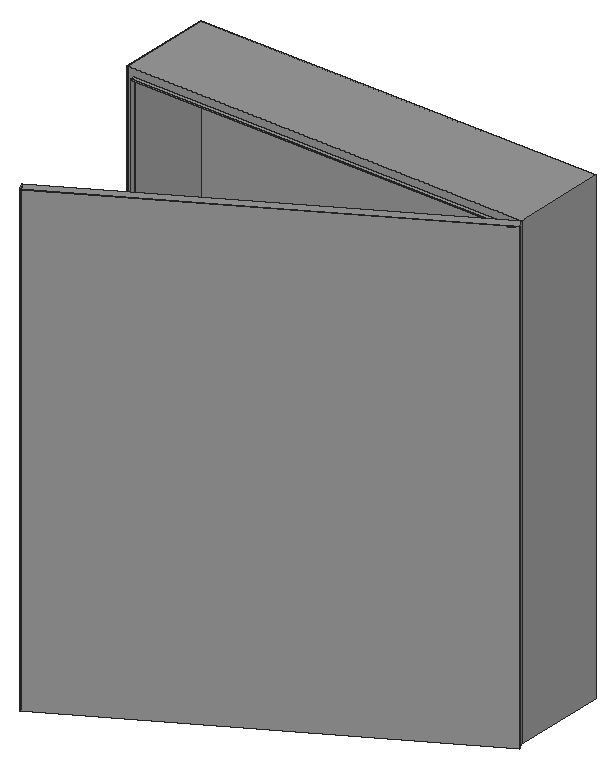
Revit family "Hager-Univers-IP54-D205-H950-Cl.II-Encl-NoHosted-NL-en", category Equipement électrique, Revit 2020
Family settings
  Configuration du panneau = Deux colonnes, circuits au sein
  Cote de connecteur circulaire = Utiliser le diamètre
  Type d'élément = Tableau de raccordement
  Basée sur le plan de construction = Oui
  Toujours verticalement = Oui
  Couper avec des vides une fois chargée = Non
  Partagée = Non
  Point de calcul de pièce = Non
Parameters (values of type "Surface mounted (plaster) IP54 W800 H950 D205  - FP63QSW")
  Width Control [instance] = if([EF000008 - Width] > Min Width, [EF000008 - Width], Min Width)  # 800 mm
  Commentaires du type = [HG000003 - Range]  # "Univers"
  Thickness Door [instance] = if([EF009171 - Material plate thickness door/cover] > 3 mm, 3 mm, [EF009171 - Material plate thickness door/cover])  # 1 mm
  Seal Frame Offset [instance] = 17 mm  # constant formula
  Plinth Visibility [instance] = [HG000027 - Plinth height] > 0 mm  # no
  Min Width [instance] = 100 mm  # constant formula
  Min Depth [instance] = (2 * [EF009170 - Material plate thickness cabinet]) + 1 mm  # 3 mm
  Min Height [instance] = 100 mm  # constant formula
  Internal Frame Depth [instance] = (Door System Depth * 0.5)  # 9 mm
  Panel Name [instance] = ""  # (empty or 0)
  Model = ""
  HG000027 - Plinth height = 0 mm
  HG000026 - Floor standing = no
  HG000024 - Bottom section height = 600 mm
  HG000023 - Double section enclosure = no
  HG000016 - Door 3d visibility [instance] = yes
  HG000015 - Clearance visibility [instance] = no
  HG000014 - Door on the right [instance] = yes
  HG000013 - Door on the left [instance] = not([HG000014 - Door on the right])  # no
  HG000012 - Door swing angle [instance] = 30.00°
  HG000010 - Asymmetric doors = no
  HG000009 - Double swing door = no
  HG000006 - Flush mounted = no
  HG000004 - Manufacturer reference = "FP63QSW"
  HG000003 - Range = "Univers"
  HG000002 - With door or cover = yes
  Frame Offset Bottom [instance] = 10 mm  # constant formula
  Frame Offset [instance] = 15 mm  # constant formula
  EF015940 - Cover with overpressure release = no
  EF011959 - Degree of protection (NEMA) = ""
  EF009554 - Number of openings for flange plates = 6
  EF009212 - Cover model = "EV000116 - Closed"
  EF009171 - Material plate thickness door/cover = 1 mm
  EF009170 - Material plate thickness cabinet = 1 mm
  EF008873 - Nominal current (In) = 250 A
  EF007800 - Suitable for lightning protection = no
  EF006306 - With lock = no
  EF006244 - Transparent cover/door = no
  EF005474 - Degree of protection (IP) = "EV006419 - IP54"
  EF004464 - Type of door = "EV002646 - Single"
  EF004427 - Number of modules = 216
  EF004293 - Impact strength = "EV006815 - IK09"
  EF003532 - Suitable for outdoor use = no
  EF002950 - Width in number of modular spacings = 36
  EF001613 - Circuit integrity = "EV000494 - None"
  EF001596 - Material housing = "EV000179 - Steel"
  EF001131 - Internal depth = 143 mm
  EF001088 - Extension possible = yes
  EF000437 - Number of conduit inlets = 6
  EF000339 - Type of cover = "EV001012 - Cover"
  EF000266 - Number of rows = 6
  EF000218 - Built-in depth = 0 mm
  EF000118 - With mounting plate = no
  EF000116 - RAL-number = "9010"
  EF000049 - Depth = 205 mm
  EF000040 - Height = 950 mm
  EF000008 - Width = 800 mm
  EF000007 - Colour = "EV000202 - White"
  EF000003 - Mounting method = "EV000384 - Surface mounted (plaster)"
  Door System Leaf Tolerance [instance] = 1.5 mm  # constant formula
  Door System Depth [instance] = 18 mm  # constant formula
  Door Height [instance] = Height Control - [HG000027 - Plinth height]  # 950 mm
  Description = ""
  Default Elevation = 1219.2 mm
  Connector Offset [instance] = Height Control / 2  # 475 mm
  Fabricant = "Hager"  # constant formula
  Height Control [instance] = if([EF000040 - Height] > Min Height, [EF000040 - Height], Min Height)  # 950 mm
  Depth Control [instance] = if([EF000049 - Depth] > Min Depth, [EF000049 - Depth], Min Depth)  # 205 mm
  Bottom Top Plate Trim [instance] = 1.5 mm  # constant formula
  Plinth height Ctrl [instance] = if([HG000027 - Plinth height] > 0 mm, [HG000027 - Plinth height], 12 mm)  # 12 mm
Types (3, lengths in mm): name | Width Control | HG000004 - Manufacturer reference | EF009554 - Number of openings for flange plates | EF004464 - Type of door | EF004427 - Number of modules | EF002950 - Width in number of modular spacings | EF001131 - Internal depth | EF000437 - Number of conduit inlets | EF000008 - Width
  Surface mounted (plaster) IP54 W1050 H950 D205  - FP64QSW | 1050 | "FP64QSW" | 8 | "EV003602 - Double" | 288 | 48 | 143 | 8 | 1050
  Surface mounted (plaster) IP54 W550 H950 D205  - FP62QSW | 550 | "FP62QSW" | 4 | "EV002646 - Single" | 144 | 24 | 130 | 4 | 550
  Surface mounted (plaster) IP54 W800 H950 D205  - FP63QSW | 800 | "FP63QSW" | 6 | "EV002646 - Single" | 216 | 36 | 143 | 6 | 800
Reference planes
  plane 1 "Center (Front/Back)": y = 0
  plane 2: z = 0
  plane 3 "Center (Left/Right)": x = 0
  plane 4: y = 0
  plane 5: y = 0
  plane 6: z = 0
  plane 7: x = -400
  plane 8: x = 400
  plane 9: x = 399
  plane 10: x = -399
  plane 11: z = 0
  plane 12: z = 1
  plane 13: y = -205
  plane 14: y = -1
  plane 15: x = 0
  plane 16: y = -187
  plane 17: y = -204
  plane 18: y = -186
  plane 19: x = -384
  plane 20: x = 384
  plane 21: z = 11
  plane 22: x = -383
  plane 23: x = 383
  plane 24: z = 0
  plane 25: z = 950
  plane 26: z = 950
  plane 27: z = 934
  plane 28: z = 949
Forms (mm)
  Extrusion 1, solid, material "Hager_Steel_RAL7035_Light_Grey", detail levels medium+fine
    sketch origin (-208.679, -4572, 0) x (-1, 0, 0) y (0, -1, 0)
      loop
        line (191.321, -4385) -> (-608.679, -4385) -> (-608.679, -4572) -> (191.321, -4572) -> (191.321, -4385)
    from 0 to 950
  Extrusion 2, void
    sketch origin (-350.771, -205, 1219.2) x (1, 0, 0) y (0, 0, 1)
      loop
        line (-48.229, -270.2) -> (-48.229, -1218.2) -> (749.771, -1218.2) -> (749.771, -270.2) -> (-48.229, -270.2)
    from -19 to -204
  Extrusion 3, void
    sketch origin (-290.084, -187, 1219.2) x (1, 0, 0) y (0, 0, 1)
      loop
        line (-93.916, -1208.2) -> (674.084, -1208.2) -> (674.084, -285.2) -> (-93.916, -285.2) -> (-93.916, -1208.2)
    from 0 to -1
  Extrusion 4, solid, material "Hager_Steel_RAL7035_Light_Grey", visible <- "Plinth Visibility", detail levels medium+fine
    sketch origin (0, 0, 0) x (1, 0, 0) y (0, 1, 0)
      loop
        line (-400, 0) -> (-400, -187) -> (400, -187) -> (400, 0) -> (-400, 0)
    from 0 to 12 <- "Plinth height Ctrl"
  Extrusion 5, solid, material "Hager_Steel_RAL7035_Light_Grey", detail levels coarse
    sketch origin (0, 0, 0) x (1, 0, 0) y (0, 1, 0)
      loop
        line (-400, 0) -> (-400, -205) -> (400, -205) -> (400, 0) -> (-400, 0)
    from 0 to 950 <- "Height Control"
  Sweep 6, void
    path in 3D
      loop
        line (-400, -187, 12) -> (400, -187, 12) -> (400, 0, 12) -> (-400, 0, 12) -> (-400, -187, 12)
    profile origin (-400, -93.5, 12) x (1, 0, 0) y (0, 0, 1)
      loop
        line (0, 0) -> (0, -1.5) -> (1.5, -1.5)
        arc (1.5, -1.5) -> (1.061, -0.439) -> (0, 0) r 1.5
  Extrusion 7, solid, material "Hager_Steel_RAL7035_Light_Grey", detail levels fine
    sketch origin (-400, -187, 0) x (1, 0, 0) y (0, 0, 1)
      loop
        line (16, 11) -> (784, 11) -> (784, 934) -> (16, 934) -> (16, 11)
      loop
        line (15, 10) -> (785, 10) -> (785, 935) -> (15, 935) -> (15, 10)
    from 0 to 9 <- "Internal Frame Depth"
Cuts and joins
  Extrusion 2, Extrusion 3 cuts Extrusion 1
  Sweep 6 cuts Extrusion 4
Lines and regions (mm)
  Masking region 1
    outline origin (0, 0, 0) x (1, 0, 0) y (0, 1, 0)
      loop
        line (-400, 0) -> (-400, -205) -> (400, -205) -> (400, 0) -> (-400, 0)
  Masking region 2, detail levels coarse
    outline origin (-290.084, -187, 1219.2) x (-1, 0, 0) y (0, 0, 1)
      loop
        line (-690.084, -1219.2) -> (109.916, -1219.2) -> (109.916, -269.2) -> (-690.084, -269.2) -> (-690.084, -1219.2)
  Masking region 3, detail levels coarse
    outline origin (0, 0, 0) x (0, 1, 0) y (0, 0, 1)
      loop
        line (0, 0) -> (0, 950) -> (-205, 950) -> (-205, 0) -> (0, 0)
  Masking region 4, visible <- "Plinth Visibility", detail levels medium+fine
    outline origin (0, 0, 0) x (0, 1, 0) y (0, 0, 1)
      loop
        line (-1.5, 12) -> (-185.5, 12)
        arc (-185.5, 12) -> (-185.939, 10.939) -> (-187, 10.5) r 1.5
        line (-187, 10.5) -> (-187, 0) -> (0, 0) -> (0, 10.5)
        arc (0, 10.5) -> (-1.061, 10.939) -> (-1.5, 12) r 1.5
  Masking region 5, detail levels medium+fine
    outline origin (0, 0, 594.038) x (0, 1, 0) y (0, 0, 1)
      loop
        line (0, -594.038) -> (0, 355.962) -> (-187, 355.962) -> (-187, -594.038) -> (0, -594.038)
  Masking region 6, detail levels medium+fine
    outline origin (-359.7, -187, 1211.883) x (-1, 0, 0) y (0, 0, 1)
      loop
        line (-759.7, -1211.883) -> (40.3, -1211.883) -> (40.3, -261.883) -> (-759.7, -261.883) -> (-759.7, -1211.883)
  Masking region 7, visible <- "Plinth Visibility", detail levels medium+fine
    outline origin (-320.334, -187, 1041.368) x (-1, 0, 0) y (0, 0, 1)
      loop
        line (-720.334, -1041.368) -> (79.666, -1041.368) -> (79.666, -1030.868)
        arc (79.666, -1030.868) -> (78.606, -1030.429) -> (78.166, -1029.368) r 1.5
        line (78.166, -1029.368) -> (-718.834, -1029.368)
        arc (-718.834, -1029.368) -> (-719.273, -1030.429) -> (-720.334, -1030.868) r 1.5
        line (-720.334, -1030.868) -> (-720.334, -1041.368)
  sketch lines
    curve 1: line (-400, 0, 12) -> (-400, -187, 12)
    curve 2: line (-400, -187, 12) -> (400, -187, 12)
    curve 3: line (400, 0, 12) -> (-400, 0, 12)
    curve 4: line (400, -187, 12) -> (400, 0, 12)
Dimensions and locks
  locked: plane 1 "Center (Front/Back)" to plane 5
  "EF009170 - Material plate thickness cabinet": plane 7 to plane 10
  "EF009170 - Material plate thickness cabinet": plane 8 to plane 9
  equal spacing: plane 7, plane 3 "Center (Left/Right)", plane 8
  "Width Control": plane 7 to plane 8
  "Depth Control": plane 4 to plane 13
  "EF009170 - Material plate thickness cabinet": plane 4 to plane 14
  "Height Control": plane 25 to level
  "HG000027 - Plinth height": plane 11 to level
  "EF009170 - Material plate thickness cabinet": plane 12 to plane 11
  "EF009170 - Material plate thickness cabinet": plane 17 to plane 13
  "EF009170 - Material plate thickness cabinet": plane 18 to plane 16
  "Frame Offset Bottom": plane 21 to plane 12
  "Frame Offset": plane 10 to plane 19
  "Frame Offset": plane 9 to plane 20
  "Door System Depth": plane 16 to plane 13
  "Seal Frame Offset": plane 7 to plane 22
  "Seal Frame Offset": plane 8 to plane 23
  "EF009170 - Material plate thickness cabinet": plane 26 to plane 28
  "Frame Offset": plane 28 to plane 27
  "Connector Offset": plane 2 to connector elem
  "Bottom Top Plate Trim": profile plane to Sweep 6 sketch curve
  "Bottom Top Plate Trim": Sweep 6 sketch curve to Sweep 6 sketch curve
  "Plinth height Ctrl": Masking region 4 sketch curve to level
  "Plinth height Ctrl": Masking region 7 sketch curve to level
  "Thickness Door": Extrusion 7 sketch curve to Extrusion 7 sketch curve  (x4)
  "Bottom Top Plate Trim": radius of Sweep 6 sketch curve
  "Bottom Top Plate Trim": radius of Masking region 4 sketch curve  (x2)
  "Bottom Top Plate Trim": radius of Masking region 7 sketch curve  (x2)
  aligned and locked: Extrusion 2 sketch curve to plane 12
  aligned and locked: Extrusion 2 sketch curve to plane 9
  aligned and locked: Extrusion 2 sketch curve to plane 10
  aligned and locked: Extrusion 2 to plane 14
  aligned and locked: Extrusion 1 sketch curve to plane 4
  aligned and locked: plane 8 to Extrusion 1 sketch curve
  aligned and locked: plane 7 to Extrusion 1 sketch curve
  aligned and locked: Extrusion 2 to plane 18
  aligned and locked: Extrusion 3 sketch curve to plane 19
  aligned and locked: plane 20 to Extrusion 3 sketch curve
  aligned and locked: Extrusion 3 to Extrusion 2
  aligned and locked: Extrusion 3 sketch curve to plane 21
  aligned and locked: plane 3 "Center (Left/Right)" to nested 1
  aligned and locked: Extrusion 1 sketch curve to plane 16
  aligned and locked: Extrusion 4 sketch curve to cut or joined group of Extrusion 1, Extrusion 2, Extrusion 3
  aligned and locked: Masking region 1 sketch curve to plane 7
  aligned and locked: Masking region 1 sketch curve to plane 5
  aligned and locked: Masking region 1 sketch curve to plane 8
  aligned and locked: Masking region 2 sketch curve to level
  aligned and locked: level to Masking region 3 sketch curve
  aligned and locked: plane 1 "Center (Front/Back)" to Masking region 3 sketch curve
  aligned and locked: plane 13 to Masking region 3 sketch curve
  aligned and locked: plane 5 to Masking region 4 sketch curve
  aligned and locked: Masking region 2 sketch curve to plane 8
  aligned and locked: Masking region 2 sketch curve to plane 7
  aligned and locked: plane 7 to nested 2
  aligned and locked: nested 2 to plane 5
  aligned and locked: plane 5 to Masking region 5 sketch curve
  aligned and locked: plane 26 to Masking region 5 sketch curve
  aligned and locked: Extrusion 5 sketch curve to plane 8
  aligned and locked: Extrusion 5 sketch curve to plane 7
  aligned and locked: Extrusion 5 sketch curve to plane 5
  aligned and locked: Extrusion 3 sketch curve to plane 27
  aligned and locked: Extrusion 2 sketch curve to plane 28
  aligned and locked: Masking region 2 to plane 25
  aligned and locked: Extrusion 4 to plane 16
  aligned and locked: profile plane to Sweep 6 sketch curve
  aligned and locked: Masking region 5 sketch curve to plane 24
  aligned and locked: level to Masking region 4 sketch curve
  aligned and locked: Masking region 1 to plane 13
  aligned and locked: nested 1 to plane 16
  aligned and locked: Masking region 3 to plane 25
  aligned and locked: plane 16 to Masking region 4 sketch curve
  aligned and locked: Masking region 5 sketch curve to plane 16
  aligned and locked: plane 24 to plane 11
  aligned and locked: plane 26 to plane 25
  aligned and locked: plane 26 to cut or joined group of Extrusion 1, Extrusion 2, Extrusion 3
  aligned and locked: nested 1 to plane 24
  aligned and locked: Extrusion 1 to Extrusion 3
  aligned and locked: Masking region 6 sketch curve to plane 8
  aligned and locked: Masking region 6 sketch curve to plane 24
  aligned and locked: Masking region 6 sketch curve to plane 7
  aligned and locked: Masking region 6 sketch curve to plane 26
  aligned and locked: Masking region 7 sketch curve to plane 7
  aligned and locked: level to Masking region 7 sketch curve
  aligned and locked: Masking region 7 sketch curve to plane 8
  aligned and locked: Extrusion 7 sketch curve to cut or joined group of Extrusion 1, Extrusion 2, Extrusion 3  (x4)
Automatic sketch dimensions
  plane 19 to Extrusion 3 sketch curve = 0 mm
  Extrusion 3 sketch curve to plane 20 = 0 mm
  Extrusion 3 sketch curve to plane 21 = 0 mm
  Extrusion 4 sketch curve to plane 7 = 0 mm
  Extrusion 4 sketch curve to plane 8 = 0 mm
  Extrusion 4 sketch curve to plane 16 = 0 mm
  Masking region 1 sketch curve to plane 13 = 0 mm
  Masking region 2 sketch curve to plane 25 = 0 mm
  Masking region 3 sketch curve to plane 25 = 0 mm
  Extrusion 5 sketch curve to plane 13 = 0 mm
  profile plane to Sweep 6 sketch curve = 0 mm
Nested families
  nested 1: "EC000058_Univers_Door" at (0, -187, 0), Double <- "HG000009 - Double swing door", Transparent <- "EF006244 - Transparent cover/door", Angle <- "HG000012 - Door swing angle", Door_Right <- "HG000014 - Door on the right", Assymetrical <- "HG000010 - Asymmetric doors", Door <- "HG000002 - With door or cover", Width_Ctrl <- "Width Control", 3d_Door <- "HG000016 - Door 3d visibility", Clearance <- "HG000015 - Clearance visibility", Door_Left <- "HG000013 - Door on the left", Width <- "Width Control", Door_Depth <- "Door System Depth", Leaf_Tolerance <- "Door System Leaf Tolerance", Height <- "Door Height", Lock_Visibility <- "EF006306 - With lock", Thickness <- "Thickness Door", type "EC000058_Univers_Door", detail levels medium+fine
    with min_wh 3 mm, Width_Ctrl 800 mm, Width 800 mm, Transparent no, Thickness 1 mm, Seal_Material Hager_Rubber, Lock_Visibility no, Lock_Material Hager_Plastic_RAL9005_Jet_Black, Leaf_Width 800 mm, Leaf_Tolerance_External_Sides 0 mm, Leaf_Tolerance 1.5 mm, Leaf_Offset 0 mm, Leaf_Height 947 mm, Leaf_2_Width 800 mm, Leaf_2_Offset 400 mm, Leaf_1_Width 800 mm, Leaf_1_Offset 400 mm, Height_Ctrl 950 mm, Height 950 mm, Glass_Material Hager_Glass, Double_Clearance_Ctrl no, Double no, Door_Right_Ctrl yes, Door_Right yes, Door_Material Hager_Steel_RAL7035_Light_Grey, Door_Left_Ctrl no, Door_Left no, Door_Depth 18 mm, Door yes, Clearance_Material Hager_Clearance, Clearance_Depth 800 mm, Clearance_Ctrl no, Clearance no, Assymetrical no, Angle 30.00°, 3d_Door yes
  nested 2: "Hager_Enclosure_Symbol" at (-400, 0, 0), Height <- "Depth Control", Width <- "Width Control", type "Hager_Enclosure_Symbol"
    with Width_Ctrl 800 mm, Width 800 mm, Height_Ctrl 205 mm, Height 205 mm, A_Width_Int 13.453 mm, A_Width 161.438 mm, A_Height_Ctrl 179.375 mm, A_Height 179.375 mm
Connectors
  electrical at (0, 0, 475)
    settings: on plane 1 "Center (Front/Back)", index 1, voltage 0 V, apparent load 0 VA, apparent load phase1 0 VA, apparent load phase2 0 VA, apparent load phase3 0 VA, power factor 1, load classification "Other", number of poles 1, system type 30, power factor state 1, is connector primary yes, connector utility no, sub classification motor no, connector description ""
Definition of nested family "EC000058_Univers_Door"
  Parameters (values of type "EC000058_Univers_Door")
    min_wh [instance] = (2 * Thickness) + 1 mm  # 11 mm
    Width_Ctrl [instance] = 400 mm
    Width [instance] = 500 mm
    Transparent [instance] = yes
    Thickness [instance] = 5 mm
    Seal_Material [instance] = none
    Lock_Visibility [instance] = yes
    Lock_Material [instance] = none
    Leaf_Width [instance] = if((Width_Ctrl - 2 * Leaf_Tolerance_External_Sides) > 0 mm, (Width_Ctrl - 2 * Leaf_Tolerance_External_Sides), min_wh)  # 400 mm
    Leaf_Tolerance_External_Sides [instance] = 0 mm  # constant formula
    Leaf_Tolerance [instance] = 1.5 mm
    Leaf_Offset [instance] = 0 mm  # constant formula
    Leaf_Height [instance] = if((Height_Ctrl - 2 * Leaf_Tolerance) > 0 mm, (Height_Ctrl - 2 * Leaf_Tolerance), min_wh)  # 497 mm
    Leaf_2_Width [instance] = if(and(and(Double, Assymetrical), Door_Left), (Leaf_Width / 3) - (Leaf_Tolerance / 2), if(and(and(Double, Assymetrical), Door_Right), (Leaf_Width / 3) * 2 - (Leaf_Tolerance / 2), if(and(Double, not(Assymetrical)), (Leaf_Width / 2) - Leaf_Tolerance, Leaf_Width)))  # 400 mm
    Leaf_2_Offset [instance] = if(and(Double, Assymetrical), Leaf_2_Width / 2, if(and(Double, not(Assymetrical)), Leaf_Width / 4, Leaf_Width / 2))  # 200 mm
    Leaf_1_Width [instance] = if(and(and(Double, Assymetrical), Door_Right), (Leaf_Width / 3) - (Leaf_Tolerance / 2), if(and(and(Double, Assymetrical), Door_Left), (Width / 3) * 2 - (Leaf_Tolerance / 2), if(and(Double, not(Assymetrical)), (Leaf_Width / 2) - Leaf_Tolerance, Leaf_Width)))  # 400 mm
    Leaf_1_Offset [instance] = if(and(Double, Assymetrical), Leaf_1_Width / 2, if(and(Double, not(Assymetrical)), Leaf_Width / 4, Leaf_Width / 2))  # 200 mm
    Height_Ctrl [instance] = if(Height > min_wh, Height, min_wh)  # 500 mm
    Height [instance] = 500 mm
    Glass_Material [instance] = none
    Double_Clearance_Ctrl [instance] = and(Double, Clearance)  # no
    Double [instance] = no
    Door_Right_Ctrl [instance] = and(or(Door_Right, Double), Door)  # yes
    Door_Right [instance] = yes
    Door_Material [instance] = none
    Door_Left_Ctrl [instance] = and(or(Door_Left, Double), Door)  # no
    Door_Left [instance] = no
    Door_Depth [instance] = 30 mm
    Door [instance] = yes
    Default Elevation = 1219.2 mm
    Clearance_Material [instance] = none
    Clearance_Depth [instance] = if(Leaf_1_Width > Leaf_2_Width, Leaf_1_Width, Leaf_2_Width)  # 400 mm
    Clearance_Ctrl [instance] = and(not(Double), Clearance)  # yes
    Clearance [instance] = yes
    Assymetrical [instance] = yes
    Angle [instance] = 30.00°
    3d_Door [instance] = yes
  Reference planes
    plane 1 "Center (Front/Back)": y = 0
    plane 2 "Bottom": z = 0
    plane 3 "Center (Left/Right)": x = 0
    plane 4: z = 500
    plane 5: x = -200
    plane 6: x = 200
    plane 7: z = 500
    plane 8: x = -200
    plane 9: z = 0
    plane 10: x = 200
    plane 11: y = 0
    plane 12: z = 1.5
    plane 13: x = -600
    plane 14: y = -400
    plane 15: x = 600
    plane 16: x = 0
    plane 17: x = 0
    plane 18: x = -200
    plane 19: x = 200
    plane 20: z = 498.5
  Forms (mm)
    Extrusion 1, solid, material <- "Clearance_Material", visible <- "Double_Clearance_Ctrl"
      sketch origin (1200, 0, 0) x (1, 0, 0) y (0, 0, -1)
        loop
          line (-1800, -498.5) -> (-600, -498.5) -> (-600, 0) -> (-1800, 0) -> (-1800, -498.5)
      from 0 to -400
  Dimensions and locks
    equal spacing: plane 5, plane 3 "Center (Left/Right)", plane 6
    "Width_Ctrl": plane 5 to plane 6
    "Leaf_Offset": plane 5 to plane 8
    "Leaf_Offset": plane 6 to plane 10
    "Leaf_Offset": plane 9 to level
    "Leaf_Offset": plane 4 to plane 7
    "Height_Ctrl": plane 4 to level
    "Leaf_Tolerance": plane 12 to plane 9
    locked: plane 11 to plane 1 "Center (Front/Back)"
    "Leaf_1_Offset": plane 18 to plane 16
    "Leaf_2_Offset": plane 17 to plane 19
    "Leaf_1_Width": plane 13 to plane 8
    "Leaf_2_Width": plane 10 to plane 15
    "Clearance_Depth": plane 14 to plane 1 "Center (Front/Back)"
    "Leaf_Tolerance_External_Sides": plane 8 to plane 18
    "Leaf_Tolerance_External_Sides": plane 19 to plane 10
    "Leaf_Tolerance": plane 7 to plane 20
    aligned and locked: level to plane 2 "Bottom"
    aligned and locked: nested 1 to plane 16
    aligned and locked: nested 2 to plane 17
    aligned and locked: Extrusion 1 to plane 13
    aligned and locked: plane 15 to Extrusion 1
    aligned and locked: Extrusion 1 to plane 14
    aligned and locked: plane 12 to nested 1
    aligned and locked: nested 2 to plane 12
    aligned and locked: Extrusion 1 to plane 11
    aligned and locked: plane 20 to Extrusion 1
    aligned and locked: nested 2 to plane 11
    aligned and locked: nested 1 to plane 11
  Automatic sketch dimensions
    Extrusion 1 sketch curve to level = 0 mm
    plane 5 to Extrusion 1 sketch curve = 400 mm
    plane 6 to Extrusion 1 sketch curve = 400 mm
    Extrusion 1 sketch curve to plane 4 = 1.5 mm
  Nested families
    nested 1: "EC000058_Univers_Door_Leaf" at (0, 0, 1.5), Width <- "Leaf_1_Width", visible <- "Door_Left_Ctrl", Leaf_Height <- "Leaf_Height", Angle <- "Angle", 3d_Door <- "3d_Door", Transparent <- "Transparent", Clearance Material <- "Clearance_Material", Clearance <- "Clearance_Ctrl", Door_Material <- "Door_Material", Glass_Material <- "Glass_Material", Door_Depth <- "Door_Depth", Lock_Material <- "Lock_Material", Seal_Material <- "Seal_Material", Lock_Visibility <- "Lock_Visibility", Thickness <- "Thickness", type "EC000058_Univers_Door_Leaf"
      with Width 400 mm, Transparent_Glass_Offset 30 mm, Transparent_Ctrl yes, Transparent yes, Thickness 5 mm, Standard no, Seal_Material none, Seal_D2 8 mm, Seal_D1 1 mm, Offset_Internal_Frame 10 mm, Lock_Width 20 mm, Lock_Visibility_3d yes, Lock_Visibility yes, Lock_Thickness_3 3 mm, Lock_Thickness_2 1 mm, Lock_Thickness_1 3 mm, Lock_Radius_Offset_2 16 mm, Lock_Radius_Offset_1 15 mm, Lock_Radius_2 5 mm, Lock_Radius 6 mm, Lock_Offset 5 mm, Lock_Material none, Lock_Height 80 mm, Lock_Cover_Top_Offset_2d 17 mm, Lock_Cover_Height -65 mm, Leaf_Height 497 mm, Internal_Seal_Thickness 8 mm, Internal_Seal_Depth_2 4.5 mm, Internal_Frame_Depth 25 mm, Glass_Thickness -1 mm, Glass_Offset -2 mm, Glass_Material none, Door_Material none, Door_Depth 30 mm, Clearance Material none, Clearance yes, Angle_Ctrl 30.00°, Angle 30.00°, 3d_Door yes
    nested 2: "EC000058_Univers_Door_Leaf" at (0, 0, 1.5) x (-1, 0, 0) z (0, 0, 1), Width <- "Leaf_2_Width", visible <- "Door_Right_Ctrl", Leaf_Height <- "Leaf_Height", Angle <- "Angle", 3d_Door <- "3d_Door", Transparent <- "Transparent", Clearance Material <- "Clearance_Material", Clearance <- "Clearance_Ctrl", Door_Material <- "Door_Material", Glass_Material <- "Glass_Material", Door_Depth <- "Door_Depth", Lock_Material <- "Lock_Material", Seal_Material <- "Seal_Material", Lock_Visibility <- "Lock_Visibility", Thickness <- "Thickness", type "EC000058_Univers_Door_Leaf"
      with Width 400 mm, Transparent_Glass_Offset 30 mm, Transparent_Ctrl yes, Transparent yes, Thickness 5 mm, Standard no, Seal_Material none, Seal_D2 8 mm, Seal_D1 1 mm, Offset_Internal_Frame 10 mm, Lock_Width 20 mm, Lock_Visibility_3d yes, Lock_Visibility yes, Lock_Thickness_3 3 mm, Lock_Thickness_2 1 mm, Lock_Thickness_1 3 mm, Lock_Radius_Offset_2 16 mm, Lock_Radius_Offset_1 15 mm, Lock_Radius_2 5 mm, Lock_Radius 6 mm, Lock_Offset 5 mm, Lock_Material none, Lock_Height 80 mm, Lock_Cover_Top_Offset_2d 17 mm, Lock_Cover_Height -65 mm, Leaf_Height 497 mm, Internal_Seal_Thickness 8 mm, Internal_Seal_Depth_2 4.5 mm, Internal_Frame_Depth 25 mm, Glass_Thickness -1 mm, Glass_Offset -2 mm, Glass_Material none, Door_Material none, Door_Depth 30 mm, Clearance Material none, Clearance yes, Angle_Ctrl 30.00°, Angle 30.00°, 3d_Door yes
  Definition of nested family "EC000058_Univers_Door_Leaf"
    Parameters (values of type "EC000058_Univers_Door_Leaf")
      Width [instance] = 2000 mm
      Transparent_Glass_Offset [instance] = 30 mm
      Transparent_Ctrl [instance] = and(Transparent, [3d_Door])  # yes
      Transparent [instance] = yes
      Thickness [instance] = 5 mm
      Standard [instance] = and(not(Transparent), [3d_Door])  # no
      Seal_Material [instance] = none
      Seal_D2 [instance] = 8 mm  # constant formula
      Seal_D1 [instance] = 1 mm  # constant formula
      Offset_Internal_Frame [instance] = 10 mm  # constant formula
      Lock_Width [instance] = 20 mm  # constant formula
      Lock_Visibility_3d [instance] = and(Lock_Visibility, [3d_Door])  # yes
      Lock_Visibility [instance] = yes
      Lock_Thickness_3 [instance] = 3 mm  # constant formula
      Lock_Thickness_2 [instance] = 1 mm  # constant formula
      Lock_Thickness_1 [instance] = 3 mm  # constant formula
      Lock_Radius_Offset_2 [instance] = Lock_Radius_Offset_1 + 1 mm  # 16 mm
      Lock_Radius_Offset_1 [instance] = 15 mm  # constant formula
      Lock_Radius_2 [instance] = Lock_Radius - 1 mm  # 5 mm
      Lock_Radius [instance] = 6 mm  # constant formula
      Lock_Offset [instance] = 5 mm  # constant formula
      Lock_Material [instance] = none
      Lock_Height [instance] = 80 mm  # constant formula
      Lock_Cover_Top_Offset_2d [instance] = Lock_Radius_Offset_2 + 1 mm  # 17 mm
      Lock_Cover_Height [instance] = -(Lock_Height - Lock_Radius_Offset_1)  # -65 mm
      Leaf_Height [instance] = 2720.336 mm
      Internal_Seal_Thickness [instance] = 8 mm  # constant formula
      Internal_Seal_Depth_2 [instance] = 4.5 mm  # constant formula
      Internal_Frame_Depth [instance] = if(Door_Depth - Thickness > 5 mm, Door_Depth - Thickness, 5 mm)  # 25 mm
      Glass_Thickness [instance] = if(Thickness > 15 mm, Glass_Offset + 10 mm, -1 mm)  # -1 mm
      Glass_Offset [instance] = if(Thickness > 15 mm, -(Thickness + 10 mm) / 2, -2 mm)  # -2 mm
      Glass_Material [instance] = none
      Door_Material [instance] = none
      Door_Depth [instance] = 30 mm
      Default Elevation = 0 mm
      Clearance Material [instance] = none
      Clearance [instance] = yes
      Angle_Ctrl [instance] = if(Angle > 180.00°, 180.00°, Angle)  # 90.00°
      Angle [instance] = 90.00°
      3d_Door [instance] = yes
    Reference planes
      plane 1 "Center (Front/Back)": y = 0
      plane 2: z = 0
      plane 3 "Center (Left/Right)": x = 0
      plane 4: y = 2000
      plane 5: x = -1000
      plane 6: x = 1000
      plane 7: x = -3000
      plane 8: z = 2720.336
      plane 9: z = 30
      plane 10: z = 2690.336
      plane 11: x = 970
      plane 12: x = -970
      plane 13: y = -3
      plane 14: z = 107.833
      plane 15: y = -5
      plane 16: y = -223.314
      plane 17: x = -1000
      plane 18: z = 1360.168
      plane 19: y = 30
    Forms (mm)
      Extrusion 1, solid, material <- "Clearance Material", visible <- "Clearance"
        sketch origin (0, 0, 0) x (1, 0, 0) y (0, 0, 1)
          loop
            line (-3000, 2720.336) -> (-3000, 0) -> (1000, 0) -> (1000, 2720.336) -> (-3000, 2720.336)
        from 0 to -2000
      Extrusion 2, solid, material <- "Door_Material", visible <- "Standard", detail levels medium+fine
        sketch origin (-1000, 0, 0) x (0, 1, 0) y (-1, 0, 0)
          loop
            line (0, 30) -> (0, 25) -> (2000, 25) -> (2000, 30) -> (0, 30)
        from 0 to 2720.336 <- "Leaf_Height"
      Extrusion 3, solid, material <- "Door_Material", visible <- "Transparent_Ctrl", detail levels medium+fine
        sketch origin (-1000, 0, 0) x (0, 1, 0) y (-1, 0, 0)
          loop
            line (0, 25) -> (2000, 25) -> (2000, 30) -> (0, 30) -> (0, 25)
        from 0 to 2720.336 <- "Leaf_Height"
      Extrusion 4, void
        sketch origin (-1025, 2000, 0) x (0, 1, 0) y (0, 0, -1)
          loop
            line (-30, -2690.336) -> (-30, -30) -> (-1970, -30) -> (-1970, -2690.336) -> (-30, -2690.336)
        from 0 to 5 <- "Thickness"
      Sweep 5, solid, material <- "Seal_Material", visible <- "Transparent_Ctrl", detail levels fine
        path in 3D
          loop
            line (-1025, 30, 30) -> (-1025, 30, 2690.336) -> (-1025, 1970, 2690.336) -> (-1025, 1970, 30) -> (-1025, 30, 30)
        profile origin (-1025, 1000, 30) x (1, 0, 0) y (0, 0, 1)
          loop
            line (0, 0) -> (0, -8) -> (1, -8) -> (1, 0) -> (0, 0)
      Extrusion 6, solid, material <- "Glass_Material", visible <- "Transparent_Ctrl", detail levels medium+fine
        sketch origin (-1030, 0, 0) x (0, 1, 0) y (0, 0, -1)
          loop
            line (1970, -2690.336) -> (1970, -30) -> (30, -30) -> (30, -2690.336) -> (1970, -2690.336)
        from -2 <- "Glass_Offset" to -1 <- "Glass_Thickness"
      Extrusion 7, solid, material <- "Door_Material", visible <- "3d_Door", detail levels medium+fine
        sketch origin (-1025, 2000, 0) x (0, -1, 0) y (0, 0, -1)
          loop
            line (0, -2720.336) -> (2000, -2720.336) -> (2000, 0) -> (0, 0) -> (0, -2720.336)
          loop
            line (1995, -5) -> (5, -5) -> (5, -2715.336) -> (1995, -2715.336) -> (1995, -5)
        from 0 to 25 <- "Internal_Frame_Depth"
      Sweep 8, solid, material <- "Seal_Material", visible <- "Transparent_Ctrl", detail levels fine
        path in 3D
          loop
            line (-1025, 0, 0) -> (-1025, 2000, 0) -> (-1025, 2000, 2720.336) -> (-1025, 0, 2720.336) -> (-1025, 0, 0)
        profile origin (-1025, 0, 1360.168) x (1, 0, 0) y (0, 1, 0)
          loop
            line (0, 10) -> (2.975, 10)
            arc (2.975, 10) -> (4.053, 10.447) -> (4.5, 11.525) r 1.525
            line (4.5, 11.525) -> (4.5, 16.527)
            arc (4.5, 16.527) -> (4.069, 17.569) -> (3.027, 18) r 1.473
            line (3.027, 18) -> (0, 18) -> (0, 10)
      Extrusion 9, solid, material <- "Lock_Material", visible <- "Lock_Visibility_3d", detail levels fine
        sketch origin (-1030, 0, 0) x (0, 1, 0) y (0, 0, -1)
          loop
            arc (1993.5, -1400.168) -> (1994.561, -1399.729) -> (1995, -1398.668) r 1.5
            line (1995, -1398.668) -> (1995, -1320.168) -> (1975, -1320.168) -> (1975, -1398.668)
            arc (1975, -1398.668) -> (1975.439, -1399.729) -> (1976.5, -1400.168) r 1.5
            line (1976.5, -1400.168) -> (1993.5, -1400.168)
        from 3 <- "Lock_Thickness_1" to 0
      Blend 10, solid, material <- "Lock_Material", visible <- "Lock_Visibility_3d", detail levels fine
        base sketch origin (-1033, 0, 0) x (0, 1, 0) y (0, 0, -1)
          loop
            line (1975, -1320.168) -> (1975, -1398.668)
            arc (1975, -1398.668) -> (1975.439, -1399.729) -> (1976.5, -1400.168) r 1.5
            line (1976.5, -1400.168) -> (1993.5, -1400.168)
            arc (1993.5, -1400.168) -> (1994.561, -1399.729) -> (1995, -1398.668) r 1.5
            line (1995, -1398.668) -> (1995, -1320.168) -> (1975, -1320.168)
        top sketch origin (-1033, 0, 0) x (0, 1, 0) y (0, 0, -1)
          loop
            line (1976, -1320.168) -> (1976, -1398.668)
            arc (1976, -1398.668) -> (1976.146, -1399.022) -> (1976.5, -1399.168) r 0.5
            line (1976.5, -1399.168) -> (1993.5, -1399.168)
            arc (1993.5, -1399.168) -> (1993.854, -1399.022) -> (1994, -1398.668) r 0.5
            line (1994, -1398.668) -> (1994, -1320.168) -> (1976, -1320.168)
        from 0 to 1 <- "Lock_Thickness_2"
      Blend 11, solid, material <- "Lock_Material", visible <- "Lock_Visibility_3d", detail levels fine
        base sketch origin (-1034, 0, 0) x (0, 1, 0) y (0, 0, -1)
          loop
            line (1978, -1320.168) -> (1978, -1384.168)
            arc (1978, -1384.168) -> (1985, -1391.168) -> (1992, -1384.168) r 7
            line (1992, -1384.168) -> (1992, -1320.168) -> (1978, -1320.168)
        top sketch origin (-1034, 0, 0) x (0, 1, 0) y (0, 0, -1)
          loop
            line (1991, -1320.168) -> (1979, -1320.168) -> (1979, -1383.168)
            arc (1979, -1383.168) -> (1985, -1389.168) -> (1991, -1383.168) r 6
            line (1991, -1383.168) -> (1991, -1320.168)
        from 0 to 3 <- "Lock_Thickness_3"
      Extrusion 12, solid, material <- "Lock_Material", visible <- "Lock_Visibility_3d", detail levels fine
        sketch origin (-1030, 1975, 1320.168) x (1, 0, 0) y (0, -1, 0)
          loop
            line (-7, -19) -> (-7, -1) -> (0, -1) -> (0, 0) -> (-8, 0) -> (-8, -20) -> (0, -20) -> (0, -19) -> (-7, -19)
        from 0 to -65 <- "Lock_Cover_Height"
      Extrusion 13, void
        sketch origin (-1038, 1995, 1320.168) x (-1, 0, 0) y (0, 0, -1)
          loop
            line (-5, -65) -> (0, -65) -> (-5, -60) -> (-5, -65)
        from 0 to 20 <- "Lock_Width"
      Extrusion 14, void
        sketch origin (-1038, 1975, 1320.168) x (0, -1, 0) y (0, 0, -1)
          loop
            circle (-10, -15.995) r 6
          loop
            circle (-10, -15.995) r 5
        from 0 to 2
      Extrusion 15, solid, material <- "Lock_Material", visible <- "Lock_Visibility_3d", detail levels medium
        sketch origin (-1030, 0, 0) x (0, 1, 0) y (0, 0, -1)
          loop
            arc (1993.5, -1400.168) -> (1994.561, -1399.729) -> (1995, -1398.668) r 1.5
            line (1995, -1398.668) -> (1995, -1320.168) -> (1975, -1320.168) -> (1975, -1398.668)
            arc (1975, -1398.668) -> (1975.439, -1399.729) -> (1976.5, -1400.168) r 1.5
            line (1976.5, -1400.168) -> (1993.5, -1400.168)
        from 8 to 0
    Cuts and joins
      Extrusion 4 cuts Extrusion 3
      Extrusion 13, Extrusion 14 cuts Extrusion 9
      Extrusion 14 cuts Blend 11
      Extrusion 13, Extrusion 14 cuts Extrusion 12
      joined: Extrusion 9, Blend 10, Blend 11, Extrusion 12
      Extrusion 14 cuts Extrusion 15
    Lines and regions (mm)
      Masking region 1, visible <- "Lock_Visibility", detail levels fine
        outline origin (0, 0, 0) x (0, 1, 0) y (0, 0, 1)
          loop
            line (30, 1320.168) -> (33, 1320.168) -> (33, 1400.168) -> (30, 1400.168) -> (30, 1320.168)
      Masking region 2, visible <- "Lock_Visibility", detail levels fine
        outline origin (0, 3.143, 0) x (0, 1, 0) y (0, 0, 1)
          loop
            line (29.857, 1354.168) -> (30.857, 1354.168) -> (30.857, 1366.168) -> (29.857, 1366.168) -> (29.857, 1354.168)
      Masking region 3, detail levels medium+fine
        outline origin (0, 0, 0) x (0, 1, 0) y (0, 0, 1)
          loop
            line (0, 0) -> (30, 0) -> (30, 2720.336) -> (0, 2720.336) -> (0, 0)
      Masking region 4, detail levels medium+fine
        outline origin (0, 0, 0) x (1, 0, 0) y (0, 0, 1)
          loop
            line (-1000, 2720.336) -> (-1000, 0) -> (1000, 0) -> (1000, 2720.336) -> (-1000, 2720.336)
      Masking region 5, visible <- "Lock_Visibility", detail levels fine
        outline origin (-47.116, 0, 0) x (1, 0, 0) y (0, 0, 1)
          loop
            arc (1024.616, 1399.168) -> (1023.556, 1398.729) -> (1023.116, 1397.668) r 1.5
            line (1023.116, 1397.668) -> (1023.116, 1320.168) -> (1041.116, 1320.168) -> (1041.116, 1397.668)
            arc (1041.116, 1397.668) -> (1040.677, 1398.729) -> (1039.616, 1399.168) r 1.5
            line (1039.616, 1399.168) -> (1024.616, 1399.168)
      Masking region 6, visible <- "Lock_Visibility", detail levels medium+fine
        outline origin (-25, 0, 0) x (1, 0, 0) y (0, 0, 1)
          loop
            arc (1001.5, 1400.168) -> (1000.439, 1399.729) -> (1000, 1398.668) r 1.5
            line (1000, 1398.668) -> (1000, 1320.168) -> (1020, 1320.168) -> (1020, 1398.668)
            arc (1020, 1398.668) -> (1019.561, 1399.729) -> (1018.5, 1400.168) r 1.5
            line (1018.5, 1400.168) -> (1001.5, 1400.168)
      Masking region 7, visible <- "Lock_Visibility", detail levels fine
        outline origin (-73.735, 0, 0) x (1, 0, 0) y (0, 0, 1)
          loop
            line (1051.735, 1382.168) -> (1065.735, 1382.168) -> (1065.735, 1384.168)
            arc (1065.735, 1384.168) -> (1058.735, 1391.168) -> (1051.735, 1384.168) r 7
            line (1051.735, 1384.168) -> (1051.735, 1382.168)
      Masking region 8, visible <- "Lock_Visibility", detail levels fine
        outline origin (-73.735, 0, 0) x (1, 0, 0) y (0, 0, 1)
          loop
            line (1052.735, 1382.168) -> (1064.735, 1382.168) -> (1064.735, 1383.168)
            arc (1064.735, 1383.168) -> (1058.735, 1389.168) -> (1052.735, 1383.168) r 6
            line (1052.735, 1383.168) -> (1052.735, 1382.168)
      Masking region 9, visible <- "Lock_Visibility", detail levels fine
        outline origin (-25, 0, 0) x (1, 0, 0) y (0, 0, 1)
          loop
            line (1020, 1320.168) -> (1020, 1382.168) -> (1000, 1382.168) -> (1000, 1320.168) -> (1020, 1320.168)
      Masking region 10, detail levels medium+fine
        outline origin (0, 0, 0) x (1, 0, 0) y (0, 0, 1)
          loop
            circle (985, 1335.144) r 6
      Masking region 11, detail levels fine
        outline origin (0, 0, 0) x (1, 0, 0) y (0, 0, 1)
          loop
            circle (985, 1335.144) r 5
      Masking region 12, visible <- "Lock_Visibility", detail levels fine
        outline origin (0, 12.767, 0) x (0, 1, 0) y (0, 0, 1)
          loop
            line (20.233, 1320.168) -> (21.233, 1320.168) -> (21.233, 1399.168) -> (20.233, 1400.168) -> (20.233, 1320.168)
      Masking region 13, visible <- "Lock_Visibility", detail levels fine
        outline origin (0, 13.767, -10) x (0, 1, 0) y (0, 0, 1)
          loop
            line (20.233, 1330.168) -> (23.233, 1330.168) -> (23.233, 1399.168) -> (20.233, 1402.168) -> (20.233, 1330.168)
      Masking region 14, visible <- "Lock_Visibility", detail levels fine
        outline origin (0, 12.767, -10) x (0, 1, 0) y (0, 0, 1)
          loop
            line (20.233, 1330.168) -> (25.233, 1330.168) -> (25.233, 1399.305) -> (20.233, 1394.305) -> (20.233, 1330.168)
      Masking region 15, visible <- "Lock_Visibility", detail levels medium
        outline origin (0, 0, 0) x (0, 1, 0) y (0, 0, 1)
          loop
            line (30, 1320.168) -> (38, 1320.168) -> (38, 1400.168) -> (30, 1400.168) -> (30, 1320.168)
      Masking region 16, visible <- "Lock_Visibility", detail levels fine
        outline origin (-1000, 0, 0) x (0, 1, 0) y (-1, 0, 0)
          loop
            line (1975, 30) -> (1995, 30) -> (1995, 38) -> (1975, 38) -> (1975, 30)
          loop
            line (1979, 37) -> (1976, 37) -> (1976, 34) -> (1978, 34) -> (1979, 37)
          loop
            line (1994, 37) -> (1991, 37) -> (1992, 34) -> (1994, 34) -> (1994, 37)
      Masking region 17, visible <- "Lock_Visibility", detail levels medium
        outline origin (-1000, 0, 0) x (0, 1, 0) y (-1, 0, 0)
          loop
            line (1975, 30) -> (1995, 30) -> (1995, 38) -> (1975, 38) -> (1975, 30)
      symbolic lines
        curve 1: line (1000, 0, 0) -> (-3000, 0, 0)
        curve 2: arc (1000, 0, 0) -> (-1000, 2000, 0) -> (-3000, 0, 0) r 2000
        curve 4: line (-1030, 0, 0) -> (-1030, 2000, 0)
      reference lines
        curve 3: line (-1000, 0, 0) -> (-1000, 2000, 0)
      symbolic lines, detail levels medium+fine
        curve 5: line (-1030, 2000, 0) -> (-1025, 2000, 0)
        curve 7: line (-1025, 0, 0) -> (-1030, 0, 0)
        curve 8: line (-1025, 0, 0) -> (-1000, 0, 0)
        curve 9: line (-1000, 0, 0) -> (-1000, 2000, 0)
        curve 10: line (-1000, 2000, 0) -> (-1025, 2000, 0)
      symbolic lines, detail levels fine
        curve 6: line (-1025, 2000, 0) -> (-1025, 0, 0)
      sketch lines
        curve 11: line (-1025, 0, 2720.336) -> (-1025, 0, 0)
        curve 12: line (-1025, 2000, 0) -> (-1025, 0, 0)
        curve 13: line (-1025, 2000, 2720.336) -> (-1025, 2000, 0)
        curve 14: line (-1025, 0, 2720.336) -> (-1025, 2000, 2720.336)
        curve 15: line (-1025, 1970, 30) -> (-1025, 30, 30)
        curve 16: line (-1025, 30, 30) -> (-1025, 30, 2690.336)
        curve 17: line (-1025, 1970, 2690.336) -> (-1025, 1970, 30)
        curve 18: line (-1025, 30, 2690.336) -> (-1025, 1970, 2690.336)
      symbolic lines, visible <- "Transparent", detail levels medium+fine
        curve 19: line (-970, 0, 2690.336) -> (970, 0, 2690.336)
        curve 20: line (-970, 0, 30) -> (-970, 0, 2690.336)
        curve 21: line (970, 0, 30) -> (-970, 0, 30)
        curve 22: line (970, 0, 2690.336) -> (970, 0, 30)
    Dimensions and locks
      "Width": plane 1 "Center (Front/Back)" to plane 4
      equal spacing: plane 5, plane 3 "Center (Left/Right)", plane 6
      "Width": plane 5 to plane 6
      "Width": plane 7 to plane 5
      "Leaf_Height": plane 8 to level
      "Width": curve 5 to curve 3
      "Width": curve 3 to curve 3
      plane 8 to plane 10 = 30 mm
      plane 9 to level = 30 mm
      plane 12 to plane 5 = 30 mm
      plane 6 to plane 11 = 30 mm
      Extrusion 1 to Extrusion 4 sketch curve = 30 mm
      "Transparent_Glass_Offset": curve 3 to Extrusion 4 sketch curve
      "Transparent_Glass_Offset": Extrusion 4 sketch curve to cut or joined group of Extrusion 3, Extrusion 4  (x2)
      cut or joined group of Extrusion 3, Extrusion 4 to Extrusion 6 sketch curve = 30 mm
      "Transparent_Glass_Offset": cut or joined group of Extrusion 3, Extrusion 4 to Extrusion 4 sketch curve
      "Thickness": curve 6 to curve 4
      "Thickness": Extrusion 7 sketch curve to Extrusion 7 sketch curve  (x4)
      "Door_Depth": curve 4 to curve 3
      "Offset_Internal_Frame": profile plane to Sweep 8 sketch curve
      "Internal_Seal_Thickness": Sweep 8 sketch curve to Sweep 8 sketch curve
      "Internal_Seal_Depth_2": profile plane to Sweep 8 sketch curve
      "Seal_D1": profile plane to Sweep 5 sketch curve
      "Seal_D2": profile plane to Sweep 5 sketch curve
      "Thickness": Extrusion 2 sketch curve to Extrusion 2 sketch curve
      equal spacing: Extrusion 9 sketch curve, plane 18, Extrusion 9 sketch curve  (x2)
      equal spacing: Masking region 1 sketch curve, plane 18, Masking region 1 sketch curve
      "Lock_Height": Masking region 1 sketch curve to Masking region 1 sketch curve
      "Lock_Radius": Masking region 2 sketch curve to plane 18 to Masking region 2 sketch curve
      Masking region 2 sketch curve to Masking region 1 = 1 mm
      "Door_Depth": plane 19 to plane 1 "Center (Front/Back)"
      "Lock_Thickness_1": Masking region 1 sketch curve to plane 19
      "Lock_Width": Extrusion 9 sketch curve to Extrusion 9 sketch curve
      "Lock_Height": Extrusion 9 sketch curve to Extrusion 9 sketch curve
      "Lock_Offset": cut or joined group of Extrusion 3, Extrusion 4 to Extrusion 9 sketch curve
      equal spacing: plane 8, plane 18, level
      "Lock_Radius_Offset_1": Blend 11 sketch curve to Blend 10
      locked: Blend 10 to Blend 11 sketch curve at 2  (x2)
      locked: var sketch to Blend 11 sketch curve at 1  (x2)
      "Lock_Radius_Offset_2": Blend 11 sketch curve to Blend 10
      locked: Extrusion 12 sketch curve to Extrusion 12 sketch curve at 1  (x3)
      Masking region 6 sketch curve to Masking region 6 sketch curve = 80 mm
      "Lock_Height": Masking region 6 sketch curve to Masking region 6 sketch curve
      "Lock_Width": Masking region 6 sketch curve to Masking region 6 sketch curve
      locked: Masking region 6 to Masking region 5 sketch curve at 1  (x3)
      locked: Masking region 5 to Masking region 7 sketch curve at 2  (x2)
      "Lock_Radius_Offset_1": Masking region 5 to Masking region 7 sketch curve
      "Lock_Radius_Offset_2": Masking region 5 to Masking region 8 sketch curve
      locked: Masking region 7 to Masking region 8 sketch curve at 1  (x2)
      "Lock_Cover_Top_Offset_2d": Masking region 5 to Masking region 9 sketch curve
      equal spacing: Masking region 9, Masking region 10 sketch curve, Masking region 9
      equal spacing: Masking region 9, Masking region 11 sketch curve, Masking region 9
      Extrusion 15 sketch curve to Extrusion 15 sketch curve = 80 mm
      "Lock_Width": Extrusion 15 sketch curve to Extrusion 15 sketch curve
      "Lock_Height": Extrusion 15 sketch curve to Extrusion 15 sketch curve
      equal spacing: Extrusion 15 sketch curve, plane 18, Extrusion 15 sketch curve
      "Lock_Thickness_3": Masking region 13 sketch curve to Masking region 13 sketch curve
      "Lock_Height": Masking region 12 sketch curve to Masking region 12 sketch curve
      locked: Masking region 13 sketch curve to Masking region 1 at 8
      locked: Masking region 14 sketch curve to Masking region 13 at 1
      locked: Masking region 14 sketch curve to Masking region 1 at 10.863
      "Lock_Height": Masking region 15 sketch curve to Masking region 15 sketch curve
      "Lock_Offset": Extrusion 15 sketch curve to cut or joined group of Extrusion 3, Extrusion 4
      "Lock_Offset": plane 6 to Masking region 6 sketch curve
      radius of Sweep 8 sketch curve = 1.525 mm
      radius of Sweep 8 sketch curve = 1.473 mm
      radius of Extrusion 9 sketch curve = 1.5 mm  (x2)
      "Lock_Radius": radius of Extrusion 14 sketch curve
      "Lock_Radius_2": radius of Extrusion 14 sketch curve
      "Lock_Radius": radius of Masking region 10 sketch curve
      "Lock_Radius_2": radius of Masking region 11 sketch curve
      radius of Extrusion 15 sketch curve = 1.5 mm  (x2)
      "Angle_Ctrl": angle plane 1 "Center (Front/Back)" to curve 3
      locked: Masking region 12 sketch curve to Masking region 12 sketch curve (angle 45.00°)
      locked: Masking region 13 sketch curve to Masking region 13 sketch curve (angle 45.00°)
      locked: Masking region 14 sketch curve to Masking region 14 sketch curve (angle 45.00°)
      aligned and locked: level to plane 2
      aligned and locked: Extrusion 1 to curve 1
      aligned and locked: plane 6 to Extrusion 1
      aligned and locked: Extrusion 1 to plane 1 "Center (Front/Back)"
      aligned and locked: plane 4 to Extrusion 1
      aligned and locked: plane 8 to Extrusion 1
      aligned and locked: curve 7 to Extrusion 2 sketch curve
      aligned and locked: curve 5 to Extrusion 2 sketch curve
      aligned and locked: curve 7 to Extrusion 3 sketch curve
      aligned and locked: Extrusion 3 sketch curve to curve 4
      aligned and locked: Extrusion 3 sketch curve to curve 6
      aligned and locked: Extrusion 3 sketch curve to curve 5
      aligned and locked: curve 9 to curve 3
      aligned and locked: Extrusion 7 sketch curve to cut or joined group of Extrusion 3, Extrusion 4  (x4)
      aligned and locked: plane 17 to curve 3
      aligned and locked: plane 1 "Center (Front/Back)" to curve 3
      aligned and locked: plane 17 to plane 5
      aligned and locked: Sweep 8 sketch curve to profile plane
      aligned and locked: Sweep 5 sketch curve to profile plane  (x2)
      aligned and locked: Masking region 1 to Masking region 2 sketch curve
      aligned and locked: plane 19 to Masking region 1 sketch curve
      aligned and locked: plane 1 "Center (Front/Back)" to Masking region 3 sketch curve
      aligned and locked: plane 19 to Masking region 3 sketch curve
      aligned and locked: level to Masking region 3 sketch curve
      aligned and locked: Masking region 3 sketch curve to plane 8
      aligned and locked: plane 17 to Masking region 4 sketch curve
      aligned and locked: level to Masking region 4 sketch curve
      aligned and locked: Masking region 4 sketch curve to plane 8
      aligned and locked: plane 12 to curve 20
      aligned and locked: plane 10 to curve 19
      aligned and locked: plane 11 to curve 22
      aligned and locked: curve 21 to plane 9
      aligned and locked: Extrusion 2 sketch curve to cut or joined group of Extrusion 3, Extrusion 4
      aligned and locked: Blend 10 sketch curve to Extrusion 9  (x4)
      aligned and locked: Extrusion 9 to Blend 10 sketch curve
      aligned and locked: Blend 10 to Blend 11 sketch curve
      aligned and locked: Extrusion 12 sketch curve to Blend 11
      aligned and locked: Extrusion 12 sketch curve to Extrusion 9  (x4)
      aligned and locked: Masking region 5 sketch curve to Masking region 6
      aligned and locked: Masking region 9 sketch curve to Masking region 6  (x3)
      aligned and locked: Masking region 12 sketch curve to Masking region 1
      aligned and locked: Masking region 13 sketch curve to Masking region 1
      aligned and locked: Masking region 12 to Masking region 14
      aligned and locked: Masking region 14 sketch curve to Masking region 1
      aligned and locked: Masking region 15 sketch curve to Masking region 14
      aligned and locked: Masking region 13 sketch curve to Masking region 12
      aligned and locked: Masking region 16 sketch curve to cut or joined group of Extrusion 14, Extrusion 15  (x4)
      aligned and locked: Masking region 16 sketch curve to cut or joined group of Extrusion 9, Blend 10, Blend 11, Extrusion 12, Extrusion 13, Extrusion 14  (x6)
      aligned and locked: cut or joined group of Extrusion 9, Blend 10, Blend 11, Extrusion 12, Extrusion 13, Extrusion 14 to Masking region 16 sketch curve
      aligned and locked: Masking region 17 sketch curve to cut or joined group of Extrusion 14, Extrusion 15  (x3)
      aligned and locked: Masking region 17 sketch curve to cut or joined group of Extrusion 9, Blend 10, Blend 11, Extrusion 12, Extrusion 13, Extrusion 14
      aligned and locked: Masking region 9 to Masking region 8 sketch curve
      aligned and locked: Masking region 9 to Masking region 7 sketch curve
    Automatic sketch dimensions
      plane 1 "Center (Front/Back)" to curve 2 = 0 mm
      curve 2 to plane 5 = 0 mm
      Extrusion 1 sketch curve to level = 0 mm
      Extrusion 1 sketch curve to plane 7 = 0 mm
      Extrusion 1 sketch curve to plane 6 = 0 mm
      Extrusion 1 sketch curve to plane 8 = 0 mm
      Extrusion 3 to Extrusion 6 sketch curve = 30 mm  (x4)
      Masking region 4 sketch curve to plane 6 = 0 mm
      Blend 10 sketch curve to Extrusion 9 = 1.5 mm
      Blend 10 sketch curve to Extrusion 9 = 1 mm
      Extrusion 13 sketch curve to Extrusion 12 = 0 mm  (x2)
      Extrusion 12 to Extrusion 13 sketch curve = 3 mm
      Extrusion 13 sketch curve to Extrusion 12 = 5 mm
      Extrusion 14 sketch curve to Extrusion 14 sketch curve = 0 mm  (x2)
      Extrusion 14 sketch curve to Extrusion 12 = 10 mm
      Extrusion 14 sketch curve to Extrusion 12 = 15.995 mm
      Masking region 5 sketch curve to Masking region 5 sketch curve = 1.5 mm  (x2)
      Masking region 10 sketch curve to plane 18 = 25.024 mm
      Masking region 11 sketch curve to plane 18 = 25.024 mm
      plane 19 to Masking region 14 sketch curve = 3 mm
      Masking region 16 sketch curve to Masking region 16 sketch curve = 3 mm
      curve 4 to curve 3 = 0 mm
      Blend 10 to Blend 11 sketch curve = 0 mm
      Masking region 6 sketch curve to Masking region 6 sketch curve = 1.5 mm  (x2)
      Masking region 6 sketch curve to plane 18 = 40 mm
      plane 19 to Masking region 12 sketch curve = 3 mm
      Masking region 12 sketch curve to Masking region 12 sketch curve = 1 mm
      Masking region 15 sketch curve to plane 19 = 0 mm
      Masking region 15 sketch curve to plane 18 = 40 mm
      radius of Blend 10 sketch curve to Extrusion 9 = 1 mm
Definition of nested family "Hager_Enclosure_Symbol"
  Parameters (values of type "Hager_Enclosure_Symbol")
    Width_Ctrl [instance] = if(Width > 1 mm, Width, 1 mm)  # 102.27 mm
    Width [instance] = 102.27 mm
    Height_Ctrl [instance] = if(Height > 1 mm, Height, 1 mm)  # 66.5 mm
    A_Width_Int [instance] = if(A_Width / 12 > 2 mm, A_Width / 12, 2 mm)  # 4.364 mm
    A_Width [instance] = if(A_Height_Ctrl * 0.9 > 2 mm, A_Height_Ctrl * 0.9, 2 mm)  # 52.369 mm
    A_Height_Ctrl [instance] = if(A_Height > 2 mm, A_Height, 2 mm)  # 58.188 mm
    Height [instance] = 66.5 mm
    A_Height [instance] = Height - (Height / 8)  # 58.188 mm
  Reference planes
    plane 1 "Centre (avant/arrière)": y = 0
    plane 2: z = 0
    plane 3 "Centre (gauche/droite)": x = 0
    plane 4: x = 52.369
    plane 5: y = 33.042
    plane 6: y = 41.77
    plane 7: y = 66.5
    plane 8: x = 26.184
    plane 9: y = 37.406
    plane 10: x = 102.27
    plane 11: y = 66.5
    plane 12: y = 8.313
  Lines and regions (mm)
    Filled region 1, type "Solid_Black", in view "Niveau de réf."
      outline origin (0, 0, 0) x (1, 0, 0) y (0, 1, 0)
        loop
          line (52.369, 66.5) -> (33.188, 54.536) -> (45.365, 45.006) -> (52.369, 66.5)
    Filled region 2, type "Solid_Black", in view "Niveau de réf."
      outline origin (0, 0, 0) x (1, 0, 0) y (0, 1, 0)
        loop
          line (0, 0) -> (102.27, 0) -> (102.27, 66.5) -> (0, 0)
    detail lines, in view "Niveau de réf."
      curve 1: line (0, 8.313, 0) -> (26.184, 41.77, 0)
      curve 2: line (26.184, 41.77, 0) -> (26.184, 33.042, 0)
      curve 3: line (26.184, 33.042, 0) -> (52.369, 66.5, 0)
  Dimensions and locks
    "A_Width": plane 3 "Centre (gauche/droite)" to plane 4
    equal spacing: plane 3 "Centre (gauche/droite)", plane 8, plane 4
    equal spacing: plane 6, plane 9, plane 5
    equal spacing: curve 3, Filled region 1 sketch curve, Filled region 1 sketch curve
    "Height_Ctrl": plane 1 "Centre (avant/arrière)" to plane 11
    "A_Height_Ctrl": plane 11 to plane 12
    equal spacing: plane 11, plane 9, plane 12
    "A_Width_Int": plane 6 to plane 9
    "Width_Ctrl": plane 3 "Centre (gauche/droite)" to plane 10
    angle Filled region 1 sketch curve to curve 3 = 20.00°
    angle curve 3 to Filled region 1 sketch curve = 20.00°
    locked: curve 3 to Filled region 1 sketch curve (angle 90.00°)
    aligned and locked: plane 10 to Filled region 2
    aligned and locked: plane 11 to Filled region 2 sketch curve
    aligned and locked: plane 10 to Filled region 2 sketch curve
    aligned and locked: plane 3 "Centre (gauche/droite)" to curve 1
    aligned and locked: plane 12 to curve 1
    aligned and locked: plane 7 to plane 11
  Automatic sketch dimensions
    Filled region 1 sketch curve to plane 4 = 0 mm
    Filled region 1 sketch curve to plane 7 = 0 mm
    plane 1 "Centre (avant/arrière)" to Filled region 2 sketch curve = 0 mm
    Filled region 2 sketch curve to plane 3 "Centre (gauche/droite)" = 0 mm
    curve 2 to plane 6 = 0 mm
    curve 2 to plane 8 = 0 mm
    curve 3 to plane 4 = 0 mm
    curve 2 to plane 5 = 0 mm
    curve 3 to plane 7 = 0 mm
